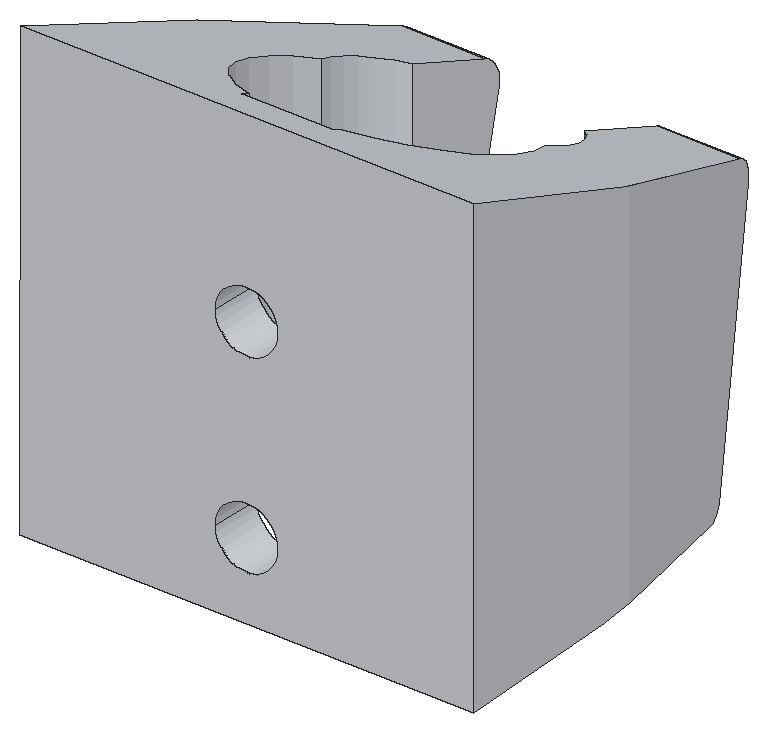
Revit family "VS-122", category Plumbing Fixtures, host Wall, Revit 2023
Family settings
  Host = Wall
  Round Connector Dimension = Use Diameter
  Part Type = Normal
  OmniClass Number = 23.45.00.00
  OmniClass Title = Sanitary, Laundry, and Cleaning Equipment
  Enable Cutting in Views = No
  Always vertical = Yes
  Cut with Voids When Loaded = No
  Maintain Annotation Orientation = No
  Shared = No
  Room Calculation Point = No
Parameters
  Default Elevation = 0' - 0"
Reference planes (in)
  plane 1: y = 0
  plane 2 "Center (Left/Right)": x = -0.47711
  plane 3 "Back": y = 3
Text (in)
  text "Placement Side" at (-70.3804, 45.82615, 0), in view "Ref. Level"
Dimensions and locks (in)
  locked: plane 3 "Back" to host wall
  nested 1 to nested 1 = 0' - 1 211/256"
  nested 1 to nested 1 = 0' - 0 11/16"
  nested 1 to nested 1 = 0' - 1 11/16"
  nested 1 to nested 1 = 0' - 1 13/16"
Nested families (in)
  nested 1: "VS-122" at (-0.47711, 3, 0) x (-1, 0, 0) z (0, 1, 0), type "VS-122"
Definition of nested family "VS-122"
  Parameters (values of type "VS-122")
    MATERIAL = none
    Default Elevation = 4' - 0"
  Reference planes (in)
    plane 1 "Center (Front/Back)": y = 0
    plane 2: z = 0
    plane 3 "Center (Left/Right)": x = 0
    plane 4: x = 0.90625
    plane 5: x = -0.90625
    plane 6: z = 1.6875
  Forms (in)
    Extrusion 1, solid
      sketch origin (0, 0, 0) x (1, 0, 0) y (0, 1, 0)
        loop
          line (-48, 48) -> (-48, -48) -> (48, -48) -> (48, 48) -> (-48, 48)
      from 0 to -12
    Extrusion 2, void
      sketch origin (0, 0, 0) x (1, 0, 0) y (0, 0, 1)
        loop
          line (0.34375, 1.75599) -> (-0.34375, 1.75599) -> (-0.34375, 1.26081)
          arc (-0.34375, 1.26081) -> (-0.44266, 1.11071) -> (-0.44579, 0.93098) r 0.32227
          arc (-0.44579, 0.93098) -> (-0.46793, 0.52835) -> (-0.18573, 0.24032) r 0.5
          line (-0.18573, 0.24032) -> (0.18573, 0.24032)
          arc (0.18573, 0.24032) -> (0.46793, 0.52835) -> (0.44579, 0.93098) r 0.5
          arc (0.44579, 0.93098) -> (0.44266, 1.11071) -> (0.34375, 1.26081) r 0.32227
          line (0.34375, 1.26081) -> (0.34375, 1.75599)
      from -1.37062 to 1.06602
    Extrusion 3, void
      sketch origin (0, 0, 0) x (1, 0, 0) y (0, 0, 1)
        loop
          line (0.18573, 0.20455) -> (0.18573, 0.24032) -> (-0.18573, 0.24032) -> (-0.18573, 0.20455) -> (0.18573, 0.20455)
      from -0.90542 to 0.8204
    Extrusion 4, solid, material <- "MATERIAL"
      sketch origin (0, 0, 0) x (1, 0, 0) y (0, 0, 1)
        loop
          line (-0.90625, 0) -> (0.90625, 0)
          arc (0.90625, 0) -> (0.84884, 0.85376) -> (0.65625, 1.6875) r 5.35832
          line (0.65625, 1.6875) -> (-0.65625, 1.6875)
          arc (-0.65625, 1.6875) -> (-0.84884, 0.85376) -> (-0.90625, 0) r 5.35832
      from -0.91798 to 0.90625
    Extrusion 5, void
      sketch origin (0, 0, 0) x (0, 1, 0) y (0, 0, 1)
        loop
          line (0.9336, -0.04011) -> (0.9336, 1.81177) -> (-0.90625, 1.81177) -> (-0.90625, 1.39356)
          arc (-0.90625, 1.39356) -> (-0.89319, 1.43096) -> (-0.8597, 1.45209) r 0.06007
          line (-0.8597, 1.45209) -> (0.15997, 1.6875)
          arc (0.15997, 1.6875) -> (0.23584, 1.67761) -> (0.28675, 1.62049) r 0.1096
          line (0.28675, 1.62049) -> (0.9336, -0.04011)
      from -1.34696 to 1.30761
    Extrusion 6, void
      sketch origin (0, 0, 0) x (1, 0, 0) y (0, 1, 0)
        loop
          circle (0, 0.17775) r 0.125
        loop
          circle (0, -0.5961) r 0.125
      from -0.15291 to 0.7515
  Cuts and joins
    Extrusion 2, Extrusion 3, Extrusion 5, Extrusion 6 cuts Extrusion 4
  Dimensions and locks (in)
    Extrusion 1 to plane 6 = 0' - 1 11/16"
    plane 4 to plane 5 = 0' - 1 13/16"
    plane 6 to Extrusion 1 = 0' - 1 11/16"
    aligned and locked: plane 2 to Extrusion 1
    aligned and locked: level to Extrusion 1
